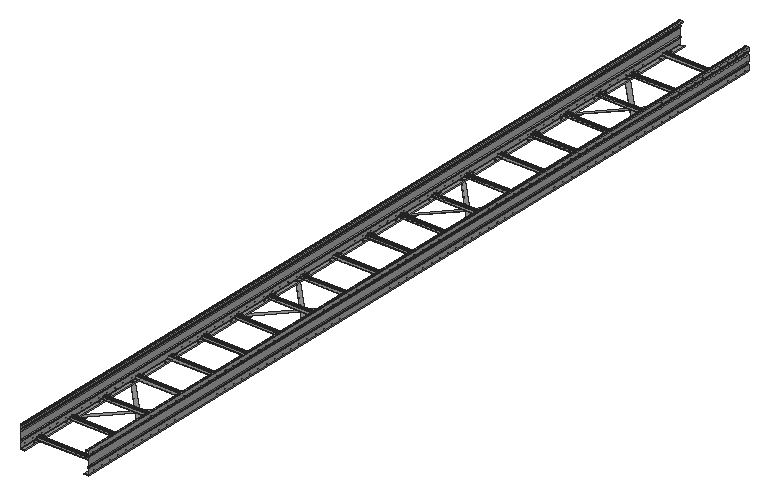
Revit family "Weitspannkabelleiter-WKLG 1650gelochter Seitenholm, FS,FT,FT SO,A4", category Generic Models, Revit 2017 (continued)
Forms (mm)
  Extrusion 71, void
    sketch origin (0, 5100, 0) x (0, 1, 0) y (0, 0, 1)
      loop
        line (49.5, 144.499) -> (25.5, 144.499)
        arc (25.5, 144.499) -> (25.146, 144.352) -> (25, 143.999) r 0.5
        line (25, 143.999) -> (25, 135.999)
        arc (25, 135.999) -> (25.146, 135.645) -> (25.5, 135.499) r 0.5
        line (25.5, 135.499) -> (49.5, 135.499)
        arc (49.5, 135.499) -> (49.854, 135.645) -> (50, 135.999) r 0.5
        line (50, 135.999) -> (50, 143.999)
        arc (50, 143.999) -> (49.854, 144.352) -> (49.5, 144.499) r 0.5
    from -250 to -248
  Extrusion 72, void
    sketch origin (0, 5175, 0) x (0, 1, 0) y (0, 0, 1)
      loop
        line (49.5, 144.499) -> (25.5, 144.499)
        arc (25.5, 144.499) -> (25.146, 144.352) -> (25, 143.999) r 0.5
        line (25, 143.999) -> (25, 135.999)
        arc (25, 135.999) -> (25.146, 135.645) -> (25.5, 135.499) r 0.5
        line (25.5, 135.499) -> (49.5, 135.499)
        arc (49.5, 135.499) -> (49.854, 135.645) -> (50, 135.999) r 0.5
        line (50, 135.999) -> (50, 143.999)
        arc (50, 143.999) -> (49.854, 144.352) -> (49.5, 144.499) r 0.5
    from -250 to -248
  Extrusion 73, void
    sketch origin (0, 5250, 0) x (0, 1, 0) y (0, 0, 1)
      loop
        line (49.5, 144.499) -> (25.5, 144.499)
        arc (25.5, 144.499) -> (25.146, 144.352) -> (25, 143.999) r 0.5
        line (25, 143.999) -> (25, 135.999)
        arc (25, 135.999) -> (25.146, 135.645) -> (25.5, 135.499) r 0.5
        line (25.5, 135.499) -> (49.5, 135.499)
        arc (49.5, 135.499) -> (49.854, 135.645) -> (50, 135.999) r 0.5
        line (50, 135.999) -> (50, 143.999)
        arc (50, 143.999) -> (49.854, 144.352) -> (49.5, 144.499) r 0.5
    from -250 to -248
  Extrusion 74, void
    sketch origin (0, 5325, 0) x (0, 1, 0) y (0, 0, 1)
      loop
        line (49.5, 144.499) -> (25.5, 144.499)
        arc (25.5, 144.499) -> (25.146, 144.352) -> (25, 143.999) r 0.5
        line (25, 143.999) -> (25, 135.999)
        arc (25, 135.999) -> (25.146, 135.645) -> (25.5, 135.499) r 0.5
        line (25.5, 135.499) -> (49.5, 135.499)
        arc (49.5, 135.499) -> (49.854, 135.645) -> (50, 135.999) r 0.5
        line (50, 135.999) -> (50, 143.999)
        arc (50, 143.999) -> (49.854, 144.352) -> (49.5, 144.499) r 0.5
    from -250 to -248
  Extrusion 75, void
    sketch origin (0, 5400, 0) x (0, 1, 0) y (0, 0, 1)
      loop
        line (49.5, 144.499) -> (25.5, 144.499)
        arc (25.5, 144.499) -> (25.146, 144.352) -> (25, 143.999) r 0.5
        line (25, 143.999) -> (25, 135.999)
        arc (25, 135.999) -> (25.146, 135.645) -> (25.5, 135.499) r 0.5
        line (25.5, 135.499) -> (49.5, 135.499)
        arc (49.5, 135.499) -> (49.854, 135.645) -> (50, 135.999) r 0.5
        line (50, 135.999) -> (50, 143.999)
        arc (50, 143.999) -> (49.854, 144.352) -> (49.5, 144.499) r 0.5
    from -250 to -248
  Extrusion 76, void
    sketch origin (0, 5475, 0) x (0, 1, 0) y (0, 0, 1)
      loop
        line (49.5, 144.499) -> (25.5, 144.499)
        arc (25.5, 144.499) -> (25.146, 144.352) -> (25, 143.999) r 0.5
        line (25, 143.999) -> (25, 135.999)
        arc (25, 135.999) -> (25.146, 135.645) -> (25.5, 135.499) r 0.5
        line (25.5, 135.499) -> (49.5, 135.499)
        arc (49.5, 135.499) -> (49.854, 135.645) -> (50, 135.999) r 0.5
        line (50, 135.999) -> (50, 143.999)
        arc (50, 143.999) -> (49.854, 144.352) -> (49.5, 144.499) r 0.5
    from -250 to -248
  Extrusion 77, void
    sketch origin (0, 5550, 0) x (0, 1, 0) y (0, 0, 1)
      loop
        line (49.5, 144.499) -> (25.5, 144.499)
        arc (25.5, 144.499) -> (25.146, 144.352) -> (25, 143.999) r 0.5
        line (25, 143.999) -> (25, 135.999)
        arc (25, 135.999) -> (25.146, 135.645) -> (25.5, 135.499) r 0.5
        line (25.5, 135.499) -> (49.5, 135.499)
        arc (49.5, 135.499) -> (49.854, 135.645) -> (50, 135.999) r 0.5
        line (50, 135.999) -> (50, 143.999)
        arc (50, 143.999) -> (49.854, 144.352) -> (49.5, 144.499) r 0.5
    from -250 to -248
  Extrusion 78, void
    sketch origin (0, 5625, 0) x (0, 1, 0) y (0, 0, 1)
      loop
        line (49.5, 144.499) -> (25.5, 144.499)
        arc (25.5, 144.499) -> (25.146, 144.352) -> (25, 143.999) r 0.5
        line (25, 143.999) -> (25, 135.999)
        arc (25, 135.999) -> (25.146, 135.645) -> (25.5, 135.499) r 0.5
        line (25.5, 135.499) -> (49.5, 135.499)
        arc (49.5, 135.499) -> (49.854, 135.645) -> (50, 135.999) r 0.5
        line (50, 135.999) -> (50, 143.999)
        arc (50, 143.999) -> (49.854, 144.352) -> (49.5, 144.499) r 0.5
    from -250 to -248
  Extrusion 79, void
    sketch origin (0, 5700, 0) x (0, 1, 0) y (0, 0, 1)
      loop
        line (49.5, 144.499) -> (25.5, 144.499)
        arc (25.5, 144.499) -> (25.146, 144.352) -> (25, 143.999) r 0.5
        line (25, 143.999) -> (25, 135.999)
        arc (25, 135.999) -> (25.146, 135.645) -> (25.5, 135.499) r 0.5
        line (25.5, 135.499) -> (49.5, 135.499)
        arc (49.5, 135.499) -> (49.854, 135.645) -> (50, 135.999) r 0.5
        line (50, 135.999) -> (50, 143.999)
        arc (50, 143.999) -> (49.854, 144.352) -> (49.5, 144.499) r 0.5
    from -250 to -248
  Extrusion 80, void
    sketch origin (0, 5775, 0) x (0, 1, 0) y (0, 0, 1)
      loop
        line (49.5, 144.499) -> (25.5, 144.499)
        arc (25.5, 144.499) -> (25.146, 144.352) -> (25, 143.999) r 0.5
        line (25, 143.999) -> (25, 135.999)
        arc (25, 135.999) -> (25.146, 135.645) -> (25.5, 135.499) r 0.5
        line (25.5, 135.499) -> (49.5, 135.499)
        arc (49.5, 135.499) -> (49.854, 135.645) -> (50, 135.999) r 0.5
        line (50, 135.999) -> (50, 143.999)
        arc (50, 143.999) -> (49.854, 144.352) -> (49.5, 144.499) r 0.5
    from -250 to -248
  Extrusion 81, void
    sketch origin (0, 5850, 0) x (0, 1, 0) y (0, 0, 1)
      loop
        line (49.5, 144.499) -> (25.5, 144.499)
        arc (25.5, 144.499) -> (25.146, 144.352) -> (25, 143.999) r 0.5
        line (25, 143.999) -> (25, 135.999)
        arc (25, 135.999) -> (25.146, 135.645) -> (25.5, 135.499) r 0.5
        line (25.5, 135.499) -> (49.5, 135.499)
        arc (49.5, 135.499) -> (49.854, 135.645) -> (50, 135.999) r 0.5
        line (50, 135.999) -> (50, 143.999)
        arc (50, 143.999) -> (49.854, 144.352) -> (49.5, 144.499) r 0.5
    from -250 to -248
  Extrusion 82, void
    sketch origin (0, 5925, 0) x (0, 1, 0) y (0, 0, 1)
      loop
        line (49.5, 144.499) -> (25.5, 144.499)
        arc (25.5, 144.499) -> (25.146, 144.352) -> (25, 143.999) r 0.5
        line (25, 143.999) -> (25, 135.999)
        arc (25, 135.999) -> (25.146, 135.645) -> (25.5, 135.499) r 0.5
        line (25.5, 135.499) -> (49.5, 135.499)
        arc (49.5, 135.499) -> (49.854, 135.645) -> (50, 135.999) r 0.5
        line (50, 135.999) -> (50, 143.999)
        arc (50, 143.999) -> (49.854, 144.352) -> (49.5, 144.499) r 0.5
    from -250 to -248
  Extrusion 83, void
    sketch origin (0, 0, -120) x (0, 1, 0) y (0, 0, 1)
      loop
        line (49.5, 144.499) -> (25.5, 144.499)
        arc (25.5, 144.499) -> (25.146, 144.352) -> (25, 143.999) r 0.5
        line (25, 143.999) -> (25, 135.999)
        arc (25, 135.999) -> (25.146, 135.645) -> (25.5, 135.499) r 0.5
        line (25.5, 135.499) -> (49.5, 135.499)
        arc (49.5, 135.499) -> (49.854, 135.645) -> (50, 135.999) r 0.5
        line (50, 135.999) -> (50, 143.999)
        arc (50, 143.999) -> (49.854, 144.352) -> (49.5, 144.499) r 0.5
    from -250 to -248
  Extrusion 84, void
    sketch origin (0, 75, -120) x (0, 1, 0) y (0, 0, 1)
      loop
        line (49.5, 144.499) -> (25.5, 144.499)
        arc (25.5, 144.499) -> (25.146, 144.352) -> (25, 143.999) r 0.5
        line (25, 143.999) -> (25, 135.999)
        arc (25, 135.999) -> (25.146, 135.645) -> (25.5, 135.499) r 0.5
        line (25.5, 135.499) -> (49.5, 135.499)
        arc (49.5, 135.499) -> (49.854, 135.645) -> (50, 135.999) r 0.5
        line (50, 135.999) -> (50, 143.999)
        arc (50, 143.999) -> (49.854, 144.352) -> (49.5, 144.499) r 0.5
    from -250 to -248
  Extrusion 85, void
    sketch origin (0, 150, -120) x (0, 1, 0) y (0, 0, 1)
      loop
        line (49.5, 144.499) -> (25.5, 144.499)
        arc (25.5, 144.499) -> (25.146, 144.352) -> (25, 143.999) r 0.5
        line (25, 143.999) -> (25, 135.999)
        arc (25, 135.999) -> (25.146, 135.645) -> (25.5, 135.499) r 0.5
        line (25.5, 135.499) -> (49.5, 135.499)
        arc (49.5, 135.499) -> (49.854, 135.645) -> (50, 135.999) r 0.5
        line (50, 135.999) -> (50, 143.999)
        arc (50, 143.999) -> (49.854, 144.352) -> (49.5, 144.499) r 0.5
    from -250 to -248
  Extrusion 86, void
    sketch origin (0, 225, -120) x (0, 1, 0) y (0, 0, 1)
      loop
        line (49.5, 144.499) -> (25.5, 144.499)
        arc (25.5, 144.499) -> (25.146, 144.352) -> (25, 143.999) r 0.5
        line (25, 143.999) -> (25, 135.999)
        arc (25, 135.999) -> (25.146, 135.645) -> (25.5, 135.499) r 0.5
        line (25.5, 135.499) -> (49.5, 135.499)
        arc (49.5, 135.499) -> (49.854, 135.645) -> (50, 135.999) r 0.5
        line (50, 135.999) -> (50, 143.999)
        arc (50, 143.999) -> (49.854, 144.352) -> (49.5, 144.499) r 0.5
    from -250 to -248
  Extrusion 87, void
    sketch origin (0, 300, -120) x (0, 1, 0) y (0, 0, 1)
      loop
        line (49.5, 144.499) -> (25.5, 144.499)
        arc (25.5, 144.499) -> (25.146, 144.352) -> (25, 143.999) r 0.5
        line (25, 143.999) -> (25, 135.999)
        arc (25, 135.999) -> (25.146, 135.645) -> (25.5, 135.499) r 0.5
        line (25.5, 135.499) -> (49.5, 135.499)
        arc (49.5, 135.499) -> (49.854, 135.645) -> (50, 135.999) r 0.5
        line (50, 135.999) -> (50, 143.999)
        arc (50, 143.999) -> (49.854, 144.352) -> (49.5, 144.499) r 0.5
    from -250 to -248
  Extrusion 88, void
    sketch origin (0, 375, -120) x (0, 1, 0) y (0, 0, 1)
      loop
        line (49.5, 144.499) -> (25.5, 144.499)
        arc (25.5, 144.499) -> (25.146, 144.352) -> (25, 143.999) r 0.5
        line (25, 143.999) -> (25, 135.999)
        arc (25, 135.999) -> (25.146, 135.645) -> (25.5, 135.499) r 0.5
        line (25.5, 135.499) -> (49.5, 135.499)
        arc (49.5, 135.499) -> (49.854, 135.645) -> (50, 135.999) r 0.5
        line (50, 135.999) -> (50, 143.999)
        arc (50, 143.999) -> (49.854, 144.352) -> (49.5, 144.499) r 0.5
    from -250 to -248
  Extrusion 89, void
    sketch origin (0, 450, -120) x (0, 1, 0) y (0, 0, 1)
      loop
        line (49.5, 144.499) -> (25.5, 144.499)
        arc (25.5, 144.499) -> (25.146, 144.352) -> (25, 143.999) r 0.5
        line (25, 143.999) -> (25, 135.999)
        arc (25, 135.999) -> (25.146, 135.645) -> (25.5, 135.499) r 0.5
        line (25.5, 135.499) -> (49.5, 135.499)
        arc (49.5, 135.499) -> (49.854, 135.645) -> (50, 135.999) r 0.5
        line (50, 135.999) -> (50, 143.999)
        arc (50, 143.999) -> (49.854, 144.352) -> (49.5, 144.499) r 0.5
    from -250 to -248
  Extrusion 90, void
    sketch origin (0, 525, -120) x (0, 1, 0) y (0, 0, 1)
      loop
        line (49.5, 144.499) -> (25.5, 144.499)
        arc (25.5, 144.499) -> (25.146, 144.352) -> (25, 143.999) r 0.5
        line (25, 143.999) -> (25, 135.999)
        arc (25, 135.999) -> (25.146, 135.645) -> (25.5, 135.499) r 0.5
        line (25.5, 135.499) -> (49.5, 135.499)
        arc (49.5, 135.499) -> (49.854, 135.645) -> (50, 135.999) r 0.5
        line (50, 135.999) -> (50, 143.999)
        arc (50, 143.999) -> (49.854, 144.352) -> (49.5, 144.499) r 0.5
    from -250 to -248
  Extrusion 91, void
    sketch origin (0, 600, -120) x (0, 1, 0) y (0, 0, 1)
      loop
        line (49.5, 144.499) -> (25.5, 144.499)
        arc (25.5, 144.499) -> (25.146, 144.352) -> (25, 143.999) r 0.5
        line (25, 143.999) -> (25, 135.999)
        arc (25, 135.999) -> (25.146, 135.645) -> (25.5, 135.499) r 0.5
        line (25.5, 135.499) -> (49.5, 135.499)
        arc (49.5, 135.499) -> (49.854, 135.645) -> (50, 135.999) r 0.5
        line (50, 135.999) -> (50, 143.999)
        arc (50, 143.999) -> (49.854, 144.352) -> (49.5, 144.499) r 0.5
    from -250 to -248
  Extrusion 92, void
    sketch origin (0, 675, -120) x (0, 1, 0) y (0, 0, 1)
      loop
        line (49.5, 144.499) -> (25.5, 144.499)
        arc (25.5, 144.499) -> (25.146, 144.352) -> (25, 143.999) r 0.5
        line (25, 143.999) -> (25, 135.999)
        arc (25, 135.999) -> (25.146, 135.645) -> (25.5, 135.499) r 0.5
        line (25.5, 135.499) -> (49.5, 135.499)
        arc (49.5, 135.499) -> (49.854, 135.645) -> (50, 135.999) r 0.5
        line (50, 135.999) -> (50, 143.999)
        arc (50, 143.999) -> (49.854, 144.352) -> (49.5, 144.499) r 0.5
    from -250 to -248
  Extrusion 93, void
    sketch origin (0, 750, -120) x (0, 1, 0) y (0, 0, 1)
      loop
        line (49.5, 144.499) -> (25.5, 144.499)
        arc (25.5, 144.499) -> (25.146, 144.352) -> (25, 143.999) r 0.5
        line (25, 143.999) -> (25, 135.999)
        arc (25, 135.999) -> (25.146, 135.645) -> (25.5, 135.499) r 0.5
        line (25.5, 135.499) -> (49.5, 135.499)
        arc (49.5, 135.499) -> (49.854, 135.645) -> (50, 135.999) r 0.5
        line (50, 135.999) -> (50, 143.999)
        arc (50, 143.999) -> (49.854, 144.352) -> (49.5, 144.499) r 0.5
    from -250 to -248
  Extrusion 94, void
    sketch origin (0, 825, -120) x (0, 1, 0) y (0, 0, 1)
      loop
        line (49.5, 144.499) -> (25.5, 144.499)
        arc (25.5, 144.499) -> (25.146, 144.352) -> (25, 143.999) r 0.5
        line (25, 143.999) -> (25, 135.999)
        arc (25, 135.999) -> (25.146, 135.645) -> (25.5, 135.499) r 0.5
        line (25.5, 135.499) -> (49.5, 135.499)
        arc (49.5, 135.499) -> (49.854, 135.645) -> (50, 135.999) r 0.5
        line (50, 135.999) -> (50, 143.999)
        arc (50, 143.999) -> (49.854, 144.352) -> (49.5, 144.499) r 0.5
    from -250 to -248
  Extrusion 95, void
    sketch origin (0, 900, -120) x (0, 1, 0) y (0, 0, 1)
      loop
        line (49.5, 144.499) -> (25.5, 144.499)
        arc (25.5, 144.499) -> (25.146, 144.352) -> (25, 143.999) r 0.5
        line (25, 143.999) -> (25, 135.999)
        arc (25, 135.999) -> (25.146, 135.645) -> (25.5, 135.499) r 0.5
        line (25.5, 135.499) -> (49.5, 135.499)
        arc (49.5, 135.499) -> (49.854, 135.645) -> (50, 135.999) r 0.5
        line (50, 135.999) -> (50, 143.999)
        arc (50, 143.999) -> (49.854, 144.352) -> (49.5, 144.499) r 0.5
    from -250 to -248
  Extrusion 96, void
    sketch origin (0, 975, -120) x (0, 1, 0) y (0, 0, 1)
      loop
        line (49.5, 144.499) -> (25.5, 144.499)
        arc (25.5, 144.499) -> (25.146, 144.352) -> (25, 143.999) r 0.5
        line (25, 143.999) -> (25, 135.999)
        arc (25, 135.999) -> (25.146, 135.645) -> (25.5, 135.499) r 0.5
        line (25.5, 135.499) -> (49.5, 135.499)
        arc (49.5, 135.499) -> (49.854, 135.645) -> (50, 135.999) r 0.5
        line (50, 135.999) -> (50, 143.999)
        arc (50, 143.999) -> (49.854, 144.352) -> (49.5, 144.499) r 0.5
    from -250 to -248
  Extrusion 97, void
    sketch origin (0, 1050, -120) x (0, 1, 0) y (0, 0, 1)
      loop
        line (49.5, 144.499) -> (25.5, 144.499)
        arc (25.5, 144.499) -> (25.146, 144.352) -> (25, 143.999) r 0.5
        line (25, 143.999) -> (25, 135.999)
        arc (25, 135.999) -> (25.146, 135.645) -> (25.5, 135.499) r 0.5
        line (25.5, 135.499) -> (49.5, 135.499)
        arc (49.5, 135.499) -> (49.854, 135.645) -> (50, 135.999) r 0.5
        line (50, 135.999) -> (50, 143.999)
        arc (50, 143.999) -> (49.854, 144.352) -> (49.5, 144.499) r 0.5
    from -250 to -248
  Extrusion 98, void
    sketch origin (0, 1125, -120) x (0, 1, 0) y (0, 0, 1)
      loop
        line (49.5, 144.499) -> (25.5, 144.499)
        arc (25.5, 144.499) -> (25.146, 144.352) -> (25, 143.999) r 0.5
        line (25, 143.999) -> (25, 135.999)
        arc (25, 135.999) -> (25.146, 135.645) -> (25.5, 135.499) r 0.5
        line (25.5, 135.499) -> (49.5, 135.499)
        arc (49.5, 135.499) -> (49.854, 135.645) -> (50, 135.999) r 0.5
        line (50, 135.999) -> (50, 143.999)
        arc (50, 143.999) -> (49.854, 144.352) -> (49.5, 144.499) r 0.5
    from -250 to -248
  Extrusion 99, void
    sketch origin (0, 1200, -120) x (0, 1, 0) y (0, 0, 1)
      loop
        line (49.5, 144.499) -> (25.5, 144.499)
        arc (25.5, 144.499) -> (25.146, 144.352) -> (25, 143.999) r 0.5
        line (25, 143.999) -> (25, 135.999)
        arc (25, 135.999) -> (25.146, 135.645) -> (25.5, 135.499) r 0.5
        line (25.5, 135.499) -> (49.5, 135.499)
        arc (49.5, 135.499) -> (49.854, 135.645) -> (50, 135.999) r 0.5
        line (50, 135.999) -> (50, 143.999)
        arc (50, 143.999) -> (49.854, 144.352) -> (49.5, 144.499) r 0.5
    from -250 to -248
  Extrusion 100, void
    sketch origin (0, 1275, -120) x (0, 1, 0) y (0, 0, 1)
      loop
        line (49.5, 144.499) -> (25.5, 144.499)
        arc (25.5, 144.499) -> (25.146, 144.352) -> (25, 143.999) r 0.5
        line (25, 143.999) -> (25, 135.999)
        arc (25, 135.999) -> (25.146, 135.645) -> (25.5, 135.499) r 0.5
        line (25.5, 135.499) -> (49.5, 135.499)
        arc (49.5, 135.499) -> (49.854, 135.645) -> (50, 135.999) r 0.5
        line (50, 135.999) -> (50, 143.999)
        arc (50, 143.999) -> (49.854, 144.352) -> (49.5, 144.499) r 0.5
    from -250 to -248
  Extrusion 101, void
    sketch origin (0, 1350, -120) x (0, 1, 0) y (0, 0, 1)
      loop
        line (49.5, 144.499) -> (25.5, 144.499)
        arc (25.5, 144.499) -> (25.146, 144.352) -> (25, 143.999) r 0.5
        line (25, 143.999) -> (25, 135.999)
        arc (25, 135.999) -> (25.146, 135.645) -> (25.5, 135.499) r 0.5
        line (25.5, 135.499) -> (49.5, 135.499)
        arc (49.5, 135.499) -> (49.854, 135.645) -> (50, 135.999) r 0.5
        line (50, 135.999) -> (50, 143.999)
        arc (50, 143.999) -> (49.854, 144.352) -> (49.5, 144.499) r 0.5
    from -250 to -248
  Extrusion 102, void
    sketch origin (0, 1425, -120) x (0, 1, 0) y (0, 0, 1)
      loop
        line (49.5, 144.499) -> (25.5, 144.499)
        arc (25.5, 144.499) -> (25.146, 144.352) -> (25, 143.999) r 0.5
        line (25, 143.999) -> (25, 135.999)
        arc (25, 135.999) -> (25.146, 135.645) -> (25.5, 135.499) r 0.5
        line (25.5, 135.499) -> (49.5, 135.499)
        arc (49.5, 135.499) -> (49.854, 135.645) -> (50, 135.999) r 0.5
        line (50, 135.999) -> (50, 143.999)
        arc (50, 143.999) -> (49.854, 144.352) -> (49.5, 144.499) r 0.5
    from -250 to -248
  Extrusion 103, void
    sketch origin (0, 1500, -120) x (0, 1, 0) y (0, 0, 1)
      loop
        line (49.5, 144.499) -> (25.5, 144.499)
        arc (25.5, 144.499) -> (25.146, 144.352) -> (25, 143.999) r 0.5
        line (25, 143.999) -> (25, 135.999)
        arc (25, 135.999) -> (25.146, 135.645) -> (25.5, 135.499) r 0.5
        line (25.5, 135.499) -> (49.5, 135.499)
        arc (49.5, 135.499) -> (49.854, 135.645) -> (50, 135.999) r 0.5
        line (50, 135.999) -> (50, 143.999)
        arc (50, 143.999) -> (49.854, 144.352) -> (49.5, 144.499) r 0.5
    from -250 to -248
  Extrusion 104, void
    sketch origin (0, 1575, -120) x (0, 1, 0) y (0, 0, 1)
      loop
        line (49.5, 144.499) -> (25.5, 144.499)
        arc (25.5, 144.499) -> (25.146, 144.352) -> (25, 143.999) r 0.5
        line (25, 143.999) -> (25, 135.999)
        arc (25, 135.999) -> (25.146, 135.645) -> (25.5, 135.499) r 0.5
        line (25.5, 135.499) -> (49.5, 135.499)
        arc (49.5, 135.499) -> (49.854, 135.645) -> (50, 135.999) r 0.5
        line (50, 135.999) -> (50, 143.999)
        arc (50, 143.999) -> (49.854, 144.352) -> (49.5, 144.499) r 0.5
    from -250 to -248
  Extrusion 105, void
    sketch origin (0, 1650, -120) x (0, 1, 0) y (0, 0, 1)
      loop
        line (49.5, 144.499) -> (25.5, 144.499)
        arc (25.5, 144.499) -> (25.146, 144.352) -> (25, 143.999) r 0.5
        line (25, 143.999) -> (25, 135.999)
        arc (25, 135.999) -> (25.146, 135.645) -> (25.5, 135.499) r 0.5
        line (25.5, 135.499) -> (49.5, 135.499)
        arc (49.5, 135.499) -> (49.854, 135.645) -> (50, 135.999) r 0.5
        line (50, 135.999) -> (50, 143.999)
        arc (50, 143.999) -> (49.854, 144.352) -> (49.5, 144.499) r 0.5
    from -250 to -248
  Extrusion 106, void
    sketch origin (0, 1725, -120) x (0, 1, 0) y (0, 0, 1)
      loop
        line (49.5, 144.499) -> (25.5, 144.499)
        arc (25.5, 144.499) -> (25.146, 144.352) -> (25, 143.999) r 0.5
        line (25, 143.999) -> (25, 135.999)
        arc (25, 135.999) -> (25.146, 135.645) -> (25.5, 135.499) r 0.5
        line (25.5, 135.499) -> (49.5, 135.499)
        arc (49.5, 135.499) -> (49.854, 135.645) -> (50, 135.999) r 0.5
        line (50, 135.999) -> (50, 143.999)
        arc (50, 143.999) -> (49.854, 144.352) -> (49.5, 144.499) r 0.5
    from -250 to -248
  Extrusion 107, void
    sketch origin (0, 1800, -120) x (0, 1, 0) y (0, 0, 1)
      loop
        line (49.5, 144.499) -> (25.5, 144.499)
        arc (25.5, 144.499) -> (25.146, 144.352) -> (25, 143.999) r 0.5
        line (25, 143.999) -> (25, 135.999)
        arc (25, 135.999) -> (25.146, 135.645) -> (25.5, 135.499) r 0.5
        line (25.5, 135.499) -> (49.5, 135.499)
        arc (49.5, 135.499) -> (49.854, 135.645) -> (50, 135.999) r 0.5
        line (50, 135.999) -> (50, 143.999)
        arc (50, 143.999) -> (49.854, 144.352) -> (49.5, 144.499) r 0.5
    from -250 to -248
  Extrusion 108, void
    sketch origin (0, 1875, -120) x (0, 1, 0) y (0, 0, 1)
      loop
        line (49.5, 144.499) -> (25.5, 144.499)
        arc (25.5, 144.499) -> (25.146, 144.352) -> (25, 143.999) r 0.5
        line (25, 143.999) -> (25, 135.999)
        arc (25, 135.999) -> (25.146, 135.645) -> (25.5, 135.499) r 0.5
        line (25.5, 135.499) -> (49.5, 135.499)
        arc (49.5, 135.499) -> (49.854, 135.645) -> (50, 135.999) r 0.5
        line (50, 135.999) -> (50, 143.999)
        arc (50, 143.999) -> (49.854, 144.352) -> (49.5, 144.499) r 0.5
    from -250 to -248
  Extrusion 109, void
    sketch origin (0, 1950, -120) x (0, 1, 0) y (0, 0, 1)
      loop
        line (49.5, 144.499) -> (25.5, 144.499)
        arc (25.5, 144.499) -> (25.146, 144.352) -> (25, 143.999) r 0.5
        line (25, 143.999) -> (25, 135.999)
        arc (25, 135.999) -> (25.146, 135.645) -> (25.5, 135.499) r 0.5
        line (25.5, 135.499) -> (49.5, 135.499)
        arc (49.5, 135.499) -> (49.854, 135.645) -> (50, 135.999) r 0.5
        line (50, 135.999) -> (50, 143.999)
        arc (50, 143.999) -> (49.854, 144.352) -> (49.5, 144.499) r 0.5
    from -250 to -248
  Extrusion 110, void
    sketch origin (0, 2025, -120) x (0, 1, 0) y (0, 0, 1)
      loop
        line (49.5, 144.499) -> (25.5, 144.499)
        arc (25.5, 144.499) -> (25.146, 144.352) -> (25, 143.999) r 0.5
        line (25, 143.999) -> (25, 135.999)
        arc (25, 135.999) -> (25.146, 135.645) -> (25.5, 135.499) r 0.5
        line (25.5, 135.499) -> (49.5, 135.499)
        arc (49.5, 135.499) -> (49.854, 135.645) -> (50, 135.999) r 0.5
        line (50, 135.999) -> (50, 143.999)
        arc (50, 143.999) -> (49.854, 144.352) -> (49.5, 144.499) r 0.5
    from -250 to -248
  Extrusion 111, void
    sketch origin (0, 2100, -120) x (0, 1, 0) y (0, 0, 1)
      loop
        line (49.5, 144.499) -> (25.5, 144.499)
        arc (25.5, 144.499) -> (25.146, 144.352) -> (25, 143.999) r 0.5
        line (25, 143.999) -> (25, 135.999)
        arc (25, 135.999) -> (25.146, 135.645) -> (25.5, 135.499) r 0.5
        line (25.5, 135.499) -> (49.5, 135.499)
        arc (49.5, 135.499) -> (49.854, 135.645) -> (50, 135.999) r 0.5
        line (50, 135.999) -> (50, 143.999)
        arc (50, 143.999) -> (49.854, 144.352) -> (49.5, 144.499) r 0.5
    from -250 to -248
  Extrusion 112, void
    sketch origin (0, 2175, -120) x (0, 1, 0) y (0, 0, 1)
      loop
        line (49.5, 144.499) -> (25.5, 144.499)
        arc (25.5, 144.499) -> (25.146, 144.352) -> (25, 143.999) r 0.5
        line (25, 143.999) -> (25, 135.999)
        arc (25, 135.999) -> (25.146, 135.645) -> (25.5, 135.499) r 0.5
        line (25.5, 135.499) -> (49.5, 135.499)
        arc (49.5, 135.499) -> (49.854, 135.645) -> (50, 135.999) r 0.5
        line (50, 135.999) -> (50, 143.999)
        arc (50, 143.999) -> (49.854, 144.352) -> (49.5, 144.499) r 0.5
    from -250 to -248
  Extrusion 113, void
    sketch origin (0, 2250, -120) x (0, 1, 0) y (0, 0, 1)
      loop
        line (49.5, 144.499) -> (25.5, 144.499)
        arc (25.5, 144.499) -> (25.146, 144.352) -> (25, 143.999) r 0.5
        line (25, 143.999) -> (25, 135.999)
        arc (25, 135.999) -> (25.146, 135.645) -> (25.5, 135.499) r 0.5
        line (25.5, 135.499) -> (49.5, 135.499)
        arc (49.5, 135.499) -> (49.854, 135.645) -> (50, 135.999) r 0.5
        line (50, 135.999) -> (50, 143.999)
        arc (50, 143.999) -> (49.854, 144.352) -> (49.5, 144.499) r 0.5
    from -250 to -248
  Extrusion 114, void
    sketch origin (0, 2325, -120) x (0, 1, 0) y (0, 0, 1)
      loop
        line (49.5, 144.499) -> (25.5, 144.499)
        arc (25.5, 144.499) -> (25.146, 144.352) -> (25, 143.999) r 0.5
        line (25, 143.999) -> (25, 135.999)
        arc (25, 135.999) -> (25.146, 135.645) -> (25.5, 135.499) r 0.5
        line (25.5, 135.499) -> (49.5, 135.499)
        arc (49.5, 135.499) -> (49.854, 135.645) -> (50, 135.999) r 0.5
        line (50, 135.999) -> (50, 143.999)
        arc (50, 143.999) -> (49.854, 144.352) -> (49.5, 144.499) r 0.5
    from -250 to -248
  Extrusion 115, void
    sketch origin (0, 2400, -120) x (0, 1, 0) y (0, 0, 1)
      loop
        line (49.5, 144.499) -> (25.5, 144.499)
        arc (25.5, 144.499) -> (25.146, 144.352) -> (25, 143.999) r 0.5
        line (25, 143.999) -> (25, 135.999)
        arc (25, 135.999) -> (25.146, 135.645) -> (25.5, 135.499) r 0.5
        line (25.5, 135.499) -> (49.5, 135.499)
        arc (49.5, 135.499) -> (49.854, 135.645) -> (50, 135.999) r 0.5
        line (50, 135.999) -> (50, 143.999)
        arc (50, 143.999) -> (49.854, 144.352) -> (49.5, 144.499) r 0.5
    from -250 to -248
  Extrusion 116, void
    sketch origin (0, 2475, -120) x (0, 1, 0) y (0, 0, 1)
      loop
        line (49.5, 144.499) -> (25.5, 144.499)
        arc (25.5, 144.499) -> (25.146, 144.352) -> (25, 143.999) r 0.5
        line (25, 143.999) -> (25, 135.999)
        arc (25, 135.999) -> (25.146, 135.645) -> (25.5, 135.499) r 0.5
        line (25.5, 135.499) -> (49.5, 135.499)
        arc (49.5, 135.499) -> (49.854, 135.645) -> (50, 135.999) r 0.5
        line (50, 135.999) -> (50, 143.999)
        arc (50, 143.999) -> (49.854, 144.352) -> (49.5, 144.499) r 0.5
    from -250 to -248
  Extrusion 117, void
    sketch origin (0, 2550, -120) x (0, 1, 0) y (0, 0, 1)
      loop
        line (49.5, 144.499) -> (25.5, 144.499)
        arc (25.5, 144.499) -> (25.146, 144.352) -> (25, 143.999) r 0.5
        line (25, 143.999) -> (25, 135.999)
        arc (25, 135.999) -> (25.146, 135.645) -> (25.5, 135.499) r 0.5
        line (25.5, 135.499) -> (49.5, 135.499)
        arc (49.5, 135.499) -> (49.854, 135.645) -> (50, 135.999) r 0.5
        line (50, 135.999) -> (50, 143.999)
        arc (50, 143.999) -> (49.854, 144.352) -> (49.5, 144.499) r 0.5
    from -250 to -248
  Extrusion 118, void
    sketch origin (0, 2625, -120) x (0, 1, 0) y (0, 0, 1)
      loop
        line (49.5, 144.499) -> (25.5, 144.499)
        arc (25.5, 144.499) -> (25.146, 144.352) -> (25, 143.999) r 0.5
        line (25, 143.999) -> (25, 135.999)
        arc (25, 135.999) -> (25.146, 135.645) -> (25.5, 135.499) r 0.5
        line (25.5, 135.499) -> (49.5, 135.499)
        arc (49.5, 135.499) -> (49.854, 135.645) -> (50, 135.999) r 0.5
        line (50, 135.999) -> (50, 143.999)
        arc (50, 143.999) -> (49.854, 144.352) -> (49.5, 144.499) r 0.5
    from -250 to -248
  Extrusion 119, void
    sketch origin (0, 2700, -120) x (0, 1, 0) y (0, 0, 1)
      loop
        line (49.5, 144.499) -> (25.5, 144.499)
        arc (25.5, 144.499) -> (25.146, 144.352) -> (25, 143.999) r 0.5
        line (25, 143.999) -> (25, 135.999)
        arc (25, 135.999) -> (25.146, 135.645) -> (25.5, 135.499) r 0.5
        line (25.5, 135.499) -> (49.5, 135.499)
        arc (49.5, 135.499) -> (49.854, 135.645) -> (50, 135.999) r 0.5
        line (50, 135.999) -> (50, 143.999)
        arc (50, 143.999) -> (49.854, 144.352) -> (49.5, 144.499) r 0.5
    from -250 to -248
  Extrusion 120, void
    sketch origin (0, 2775, -120) x (0, 1, 0) y (0, 0, 1)
      loop
        line (49.5, 144.499) -> (25.5, 144.499)
        arc (25.5, 144.499) -> (25.146, 144.352) -> (25, 143.999) r 0.5
        line (25, 143.999) -> (25, 135.999)
        arc (25, 135.999) -> (25.146, 135.645) -> (25.5, 135.499) r 0.5
        line (25.5, 135.499) -> (49.5, 135.499)
        arc (49.5, 135.499) -> (49.854, 135.645) -> (50, 135.999) r 0.5
        line (50, 135.999) -> (50, 143.999)
        arc (50, 143.999) -> (49.854, 144.352) -> (49.5, 144.499) r 0.5
    from -250 to -248
  Extrusion 121, void
    sketch origin (0, 2850, -120) x (0, 1, 0) y (0, 0, 1)
      loop
        line (49.5, 144.499) -> (25.5, 144.499)
        arc (25.5, 144.499) -> (25.146, 144.352) -> (25, 143.999) r 0.5
        line (25, 143.999) -> (25, 135.999)
        arc (25, 135.999) -> (25.146, 135.645) -> (25.5, 135.499) r 0.5
        line (25.5, 135.499) -> (49.5, 135.499)
        arc (49.5, 135.499) -> (49.854, 135.645) -> (50, 135.999) r 0.5
        line (50, 135.999) -> (50, 143.999)
        arc (50, 143.999) -> (49.854, 144.352) -> (49.5, 144.499) r 0.5
    from -250 to -248
  Extrusion 122, void
    sketch origin (0, 2925, -120) x (0, 1, 0) y (0, 0, 1)
      loop
        line (49.5, 144.499) -> (25.5, 144.499)
        arc (25.5, 144.499) -> (25.146, 144.352) -> (25, 143.999) r 0.5
        line (25, 143.999) -> (25, 135.999)
        arc (25, 135.999) -> (25.146, 135.645) -> (25.5, 135.499) r 0.5
        line (25.5, 135.499) -> (49.5, 135.499)
        arc (49.5, 135.499) -> (49.854, 135.645) -> (50, 135.999) r 0.5
        line (50, 135.999) -> (50, 143.999)
        arc (50, 143.999) -> (49.854, 144.352) -> (49.5, 144.499) r 0.5
    from -250 to -248
  Extrusion 123, void
    sketch origin (0, 3000, -120) x (0, 1, 0) y (0, 0, 1)
      loop
        line (49.5, 144.499) -> (25.5, 144.499)
        arc (25.5, 144.499) -> (25.146, 144.352) -> (25, 143.999) r 0.5
        line (25, 143.999) -> (25, 135.999)
        arc (25, 135.999) -> (25.146, 135.645) -> (25.5, 135.499) r 0.5
        line (25.5, 135.499) -> (49.5, 135.499)
        arc (49.5, 135.499) -> (49.854, 135.645) -> (50, 135.999) r 0.5
        line (50, 135.999) -> (50, 143.999)
        arc (50, 143.999) -> (49.854, 144.352) -> (49.5, 144.499) r 0.5
    from -250 to -248
  Extrusion 124, void
    sketch origin (0, 3075, -120) x (0, 1, 0) y (0, 0, 1)
      loop
        line (49.5, 144.499) -> (25.5, 144.499)
        arc (25.5, 144.499) -> (25.146, 144.352) -> (25, 143.999) r 0.5
        line (25, 143.999) -> (25, 135.999)
        arc (25, 135.999) -> (25.146, 135.645) -> (25.5, 135.499) r 0.5
        line (25.5, 135.499) -> (49.5, 135.499)
        arc (49.5, 135.499) -> (49.854, 135.645) -> (50, 135.999) r 0.5
        line (50, 135.999) -> (50, 143.999)
        arc (50, 143.999) -> (49.854, 144.352) -> (49.5, 144.499) r 0.5
    from -250 to -248
  Extrusion 125, void
    sketch origin (0, 3150, -120) x (0, 1, 0) y (0, 0, 1)
      loop
        line (49.5, 144.499) -> (25.5, 144.499)
        arc (25.5, 144.499) -> (25.146, 144.352) -> (25, 143.999) r 0.5
        line (25, 143.999) -> (25, 135.999)
        arc (25, 135.999) -> (25.146, 135.645) -> (25.5, 135.499) r 0.5
        line (25.5, 135.499) -> (49.5, 135.499)
        arc (49.5, 135.499) -> (49.854, 135.645) -> (50, 135.999) r 0.5
        line (50, 135.999) -> (50, 143.999)
        arc (50, 143.999) -> (49.854, 144.352) -> (49.5, 144.499) r 0.5
    from -250 to -248
  Extrusion 126, void
    sketch origin (0, 3225, -120) x (0, 1, 0) y (0, 0, 1)
      loop
        line (49.5, 144.499) -> (25.5, 144.499)
        arc (25.5, 144.499) -> (25.146, 144.352) -> (25, 143.999) r 0.5
        line (25, 143.999) -> (25, 135.999)
        arc (25, 135.999) -> (25.146, 135.645) -> (25.5, 135.499) r 0.5
        line (25.5, 135.499) -> (49.5, 135.499)
        arc (49.5, 135.499) -> (49.854, 135.645) -> (50, 135.999) r 0.5
        line (50, 135.999) -> (50, 143.999)
        arc (50, 143.999) -> (49.854, 144.352) -> (49.5, 144.499) r 0.5
    from -250 to -248
  Extrusion 127, void
    sketch origin (0, 3300, -120) x (0, 1, 0) y (0, 0, 1)
      loop
        line (49.5, 144.499) -> (25.5, 144.499)
        arc (25.5, 144.499) -> (25.146, 144.352) -> (25, 143.999) r 0.5
        line (25, 143.999) -> (25, 135.999)
        arc (25, 135.999) -> (25.146, 135.645) -> (25.5, 135.499) r 0.5
        line (25.5, 135.499) -> (49.5, 135.499)
        arc (49.5, 135.499) -> (49.854, 135.645) -> (50, 135.999) r 0.5
        line (50, 135.999) -> (50, 143.999)
        arc (50, 143.999) -> (49.854, 144.352) -> (49.5, 144.499) r 0.5
    from -250 to -248
  Extrusion 128, void
    sketch origin (0, 3375, -120) x (0, 1, 0) y (0, 0, 1)
      loop
        line (49.5, 144.499) -> (25.5, 144.499)
        arc (25.5, 144.499) -> (25.146, 144.352) -> (25, 143.999) r 0.5
        line (25, 143.999) -> (25, 135.999)
        arc (25, 135.999) -> (25.146, 135.645) -> (25.5, 135.499) r 0.5
        line (25.5, 135.499) -> (49.5, 135.499)
        arc (49.5, 135.499) -> (49.854, 135.645) -> (50, 135.999) r 0.5
        line (50, 135.999) -> (50, 143.999)
        arc (50, 143.999) -> (49.854, 144.352) -> (49.5, 144.499) r 0.5
    from -250 to -248
  Extrusion 129, void
    sketch origin (0, 3450, -120) x (0, 1, 0) y (0, 0, 1)
      loop
        line (49.5, 144.499) -> (25.5, 144.499)
        arc (25.5, 144.499) -> (25.146, 144.352) -> (25, 143.999) r 0.5
        line (25, 143.999) -> (25, 135.999)
        arc (25, 135.999) -> (25.146, 135.645) -> (25.5, 135.499) r 0.5
        line (25.5, 135.499) -> (49.5, 135.499)
        arc (49.5, 135.499) -> (49.854, 135.645) -> (50, 135.999) r 0.5
        line (50, 135.999) -> (50, 143.999)
        arc (50, 143.999) -> (49.854, 144.352) -> (49.5, 144.499) r 0.5
    from -250 to -248
  Extrusion 130, void
    sketch origin (0, 3525, -120) x (0, 1, 0) y (0, 0, 1)
      loop
        line (49.5, 144.499) -> (25.5, 144.499)
        arc (25.5, 144.499) -> (25.146, 144.352) -> (25, 143.999) r 0.5
        line (25, 143.999) -> (25, 135.999)
        arc (25, 135.999) -> (25.146, 135.645) -> (25.5, 135.499) r 0.5
        line (25.5, 135.499) -> (49.5, 135.499)
        arc (49.5, 135.499) -> (49.854, 135.645) -> (50, 135.999) r 0.5
        line (50, 135.999) -> (50, 143.999)
        arc (50, 143.999) -> (49.854, 144.352) -> (49.5, 144.499) r 0.5
    from -250 to -248
  Extrusion 131, void
    sketch origin (0, 3600, -120) x (0, 1, 0) y (0, 0, 1)
      loop
        line (49.5, 144.499) -> (25.5, 144.499)
        arc (25.5, 144.499) -> (25.146, 144.352) -> (25, 143.999) r 0.5
        line (25, 143.999) -> (25, 135.999)
        arc (25, 135.999) -> (25.146, 135.645) -> (25.5, 135.499) r 0.5
        line (25.5, 135.499) -> (49.5, 135.499)
        arc (49.5, 135.499) -> (49.854, 135.645) -> (50, 135.999) r 0.5
        line (50, 135.999) -> (50, 143.999)
        arc (50, 143.999) -> (49.854, 144.352) -> (49.5, 144.499) r 0.5
    from -250 to -248
  Extrusion 132, void
    sketch origin (0, 3675, -120) x (0, 1, 0) y (0, 0, 1)
      loop
        line (49.5, 144.499) -> (25.5, 144.499)
        arc (25.5, 144.499) -> (25.146, 144.352) -> (25, 143.999) r 0.5
        line (25, 143.999) -> (25, 135.999)
        arc (25, 135.999) -> (25.146, 135.645) -> (25.5, 135.499) r 0.5
        line (25.5, 135.499) -> (49.5, 135.499)
        arc (49.5, 135.499) -> (49.854, 135.645) -> (50, 135.999) r 0.5
        line (50, 135.999) -> (50, 143.999)
        arc (50, 143.999) -> (49.854, 144.352) -> (49.5, 144.499) r 0.5
    from -250 to -248
  Extrusion 133, void
    sketch origin (0, 3750, -120) x (0, 1, 0) y (0, 0, 1)
      loop
        line (49.5, 144.499) -> (25.5, 144.499)
        arc (25.5, 144.499) -> (25.146, 144.352) -> (25, 143.999) r 0.5
        line (25, 143.999) -> (25, 135.999)
        arc (25, 135.999) -> (25.146, 135.645) -> (25.5, 135.499) r 0.5
        line (25.5, 135.499) -> (49.5, 135.499)
        arc (49.5, 135.499) -> (49.854, 135.645) -> (50, 135.999) r 0.5
        line (50, 135.999) -> (50, 143.999)
        arc (50, 143.999) -> (49.854, 144.352) -> (49.5, 144.499) r 0.5
    from -250 to -248
  Extrusion 134, void
    sketch origin (0, 3825, -120) x (0, 1, 0) y (0, 0, 1)
      loop
        line (49.5, 144.499) -> (25.5, 144.499)
        arc (25.5, 144.499) -> (25.146, 144.352) -> (25, 143.999) r 0.5
        line (25, 143.999) -> (25, 135.999)
        arc (25, 135.999) -> (25.146, 135.645) -> (25.5, 135.499) r 0.5
        line (25.5, 135.499) -> (49.5, 135.499)
        arc (49.5, 135.499) -> (49.854, 135.645) -> (50, 135.999) r 0.5
        line (50, 135.999) -> (50, 143.999)
        arc (50, 143.999) -> (49.854, 144.352) -> (49.5, 144.499) r 0.5
    from -250 to -248
  Extrusion 135, void
    sketch origin (0, 3900, -120) x (0, 1, 0) y (0, 0, 1)
      loop
        line (49.5, 144.499) -> (25.5, 144.499)
        arc (25.5, 144.499) -> (25.146, 144.352) -> (25, 143.999) r 0.5
        line (25, 143.999) -> (25, 135.999)
        arc (25, 135.999) -> (25.146, 135.645) -> (25.5, 135.499) r 0.5
        line (25.5, 135.499) -> (49.5, 135.499)
        arc (49.5, 135.499) -> (49.854, 135.645) -> (50, 135.999) r 0.5
        line (50, 135.999) -> (50, 143.999)
        arc (50, 143.999) -> (49.854, 144.352) -> (49.5, 144.499) r 0.5
    from -250 to -248
  Extrusion 136, void
    sketch origin (0, 3975, -120) x (0, 1, 0) y (0, 0, 1)
      loop
        line (49.5, 144.499) -> (25.5, 144.499)
        arc (25.5, 144.499) -> (25.146, 144.352) -> (25, 143.999) r 0.5
        line (25, 143.999) -> (25, 135.999)
        arc (25, 135.999) -> (25.146, 135.645) -> (25.5, 135.499) r 0.5
        line (25.5, 135.499) -> (49.5, 135.499)
        arc (49.5, 135.499) -> (49.854, 135.645) -> (50, 135.999) r 0.5
        line (50, 135.999) -> (50, 143.999)
        arc (50, 143.999) -> (49.854, 144.352) -> (49.5, 144.499) r 0.5
    from -250 to -248
  Extrusion 137, void
    sketch origin (0, 4050, -120) x (0, 1, 0) y (0, 0, 1)
      loop
        line (49.5, 144.499) -> (25.5, 144.499)
        arc (25.5, 144.499) -> (25.146, 144.352) -> (25, 143.999) r 0.5
        line (25, 143.999) -> (25, 135.999)
        arc (25, 135.999) -> (25.146, 135.645) -> (25.5, 135.499) r 0.5
        line (25.5, 135.499) -> (49.5, 135.499)
        arc (49.5, 135.499) -> (49.854, 135.645) -> (50, 135.999) r 0.5
        line (50, 135.999) -> (50, 143.999)
        arc (50, 143.999) -> (49.854, 144.352) -> (49.5, 144.499) r 0.5
    from -250 to -248
  Extrusion 138, void
    sketch origin (0, 4125, -120) x (0, 1, 0) y (0, 0, 1)
      loop
        line (49.5, 144.499) -> (25.5, 144.499)
        arc (25.5, 144.499) -> (25.146, 144.352) -> (25, 143.999) r 0.5
        line (25, 143.999) -> (25, 135.999)
        arc (25, 135.999) -> (25.146, 135.645) -> (25.5, 135.499) r 0.5
        line (25.5, 135.499) -> (49.5, 135.499)
        arc (49.5, 135.499) -> (49.854, 135.645) -> (50, 135.999) r 0.5
        line (50, 135.999) -> (50, 143.999)
        arc (50, 143.999) -> (49.854, 144.352) -> (49.5, 144.499) r 0.5
    from -250 to -248
  Extrusion 139, void
    sketch origin (0, 4200, -120) x (0, 1, 0) y (0, 0, 1)
      loop
        line (49.5, 144.499) -> (25.5, 144.499)
        arc (25.5, 144.499) -> (25.146, 144.352) -> (25, 143.999) r 0.5
        line (25, 143.999) -> (25, 135.999)
        arc (25, 135.999) -> (25.146, 135.645) -> (25.5, 135.499) r 0.5
        line (25.5, 135.499) -> (49.5, 135.499)
        arc (49.5, 135.499) -> (49.854, 135.645) -> (50, 135.999) r 0.5
        line (50, 135.999) -> (50, 143.999)
        arc (50, 143.999) -> (49.854, 144.352) -> (49.5, 144.499) r 0.5
    from -250 to -248
  Extrusion 140, void
    sketch origin (0, 4275, -120) x (0, 1, 0) y (0, 0, 1)
      loop
        line (49.5, 144.499) -> (25.5, 144.499)
        arc (25.5, 144.499) -> (25.146, 144.352) -> (25, 143.999) r 0.5
        line (25, 143.999) -> (25, 135.999)
        arc (25, 135.999) -> (25.146, 135.645) -> (25.5, 135.499) r 0.5
        line (25.5, 135.499) -> (49.5, 135.499)
        arc (49.5, 135.499) -> (49.854, 135.645) -> (50, 135.999) r 0.5
        line (50, 135.999) -> (50, 143.999)
        arc (50, 143.999) -> (49.854, 144.352) -> (49.5, 144.499) r 0.5
    from -250 to -248
  Extrusion 141, void
    sketch origin (0, 4350, -120) x (0, 1, 0) y (0, 0, 1)
      loop
        line (49.5, 144.499) -> (25.5, 144.499)
        arc (25.5, 144.499) -> (25.146, 144.352) -> (25, 143.999) r 0.5
        line (25, 143.999) -> (25, 135.999)
        arc (25, 135.999) -> (25.146, 135.645) -> (25.5, 135.499) r 0.5
        line (25.5, 135.499) -> (49.5, 135.499)
        arc (49.5, 135.499) -> (49.854, 135.645) -> (50, 135.999) r 0.5
        line (50, 135.999) -> (50, 143.999)
        arc (50, 143.999) -> (49.854, 144.352) -> (49.5, 144.499) r 0.5
    from -250 to -248
  Extrusion 142, void
    sketch origin (0, 4425, -120) x (0, 1, 0) y (0, 0, 1)
      loop
        line (49.5, 144.499) -> (25.5, 144.499)
        arc (25.5, 144.499) -> (25.146, 144.352) -> (25, 143.999) r 0.5
        line (25, 143.999) -> (25, 135.999)
        arc (25, 135.999) -> (25.146, 135.645) -> (25.5, 135.499) r 0.5
        line (25.5, 135.499) -> (49.5, 135.499)
        arc (49.5, 135.499) -> (49.854, 135.645) -> (50, 135.999) r 0.5
        line (50, 135.999) -> (50, 143.999)
        arc (50, 143.999) -> (49.854, 144.352) -> (49.5, 144.499) r 0.5
    from -250 to -248
  Extrusion 143, void
    sketch origin (0, 4500, -120) x (0, 1, 0) y (0, 0, 1)
      loop
        line (49.5, 144.499) -> (25.5, 144.499)
        arc (25.5, 144.499) -> (25.146, 144.352) -> (25, 143.999) r 0.5
        line (25, 143.999) -> (25, 135.999)
        arc (25, 135.999) -> (25.146, 135.645) -> (25.5, 135.499) r 0.5
        line (25.5, 135.499) -> (49.5, 135.499)
        arc (49.5, 135.499) -> (49.854, 135.645) -> (50, 135.999) r 0.5
        line (50, 135.999) -> (50, 143.999)
        arc (50, 143.999) -> (49.854, 144.352) -> (49.5, 144.499) r 0.5
    from -250 to -248
  Extrusion 144, void
    sketch origin (0, 4575, -120) x (0, 1, 0) y (0, 0, 1)
      loop
        line (49.5, 144.499) -> (25.5, 144.499)
        arc (25.5, 144.499) -> (25.146, 144.352) -> (25, 143.999) r 0.5
        line (25, 143.999) -> (25, 135.999)
        arc (25, 135.999) -> (25.146, 135.645) -> (25.5, 135.499) r 0.5
        line (25.5, 135.499) -> (49.5, 135.499)
        arc (49.5, 135.499) -> (49.854, 135.645) -> (50, 135.999) r 0.5
        line (50, 135.999) -> (50, 143.999)
        arc (50, 143.999) -> (49.854, 144.352) -> (49.5, 144.499) r 0.5
    from -250 to -248
  Extrusion 145, void
    sketch origin (0, 4650, -120) x (0, 1, 0) y (0, 0, 1)
      loop
        line (49.5, 144.499) -> (25.5, 144.499)
        arc (25.5, 144.499) -> (25.146, 144.352) -> (25, 143.999) r 0.5
        line (25, 143.999) -> (25, 135.999)
        arc (25, 135.999) -> (25.146, 135.645) -> (25.5, 135.499) r 0.5
        line (25.5, 135.499) -> (49.5, 135.499)
        arc (49.5, 135.499) -> (49.854, 135.645) -> (50, 135.999) r 0.5
        line (50, 135.999) -> (50, 143.999)
        arc (50, 143.999) -> (49.854, 144.352) -> (49.5, 144.499) r 0.5
    from -250 to -248
  Extrusion 146, void
    sketch origin (0, 4725, -120) x (0, 1, 0) y (0, 0, 1)
      loop
        line (49.5, 144.499) -> (25.5, 144.499)
        arc (25.5, 144.499) -> (25.146, 144.352) -> (25, 143.999) r 0.5
        line (25, 143.999) -> (25, 135.999)
        arc (25, 135.999) -> (25.146, 135.645) -> (25.5, 135.499) r 0.5
        line (25.5, 135.499) -> (49.5, 135.499)
        arc (49.5, 135.499) -> (49.854, 135.645) -> (50, 135.999) r 0.5
        line (50, 135.999) -> (50, 143.999)
        arc (50, 143.999) -> (49.854, 144.352) -> (49.5, 144.499) r 0.5
    from -250 to -248
  Extrusion 147, void
    sketch origin (0, 4800, -120) x (0, 1, 0) y (0, 0, 1)
      loop
        line (49.5, 144.499) -> (25.5, 144.499)
        arc (25.5, 144.499) -> (25.146, 144.352) -> (25, 143.999) r 0.5
        line (25, 143.999) -> (25, 135.999)
        arc (25, 135.999) -> (25.146, 135.645) -> (25.5, 135.499) r 0.5
        line (25.5, 135.499) -> (49.5, 135.499)
        arc (49.5, 135.499) -> (49.854, 135.645) -> (50, 135.999) r 0.5
        line (50, 135.999) -> (50, 143.999)
        arc (50, 143.999) -> (49.854, 144.352) -> (49.5, 144.499) r 0.5
    from -250 to -248
  Extrusion 148, void
    sketch origin (0, 4875, -120) x (0, 1, 0) y (0, 0, 1)
      loop
        line (49.5, 144.499) -> (25.5, 144.499)
        arc (25.5, 144.499) -> (25.146, 144.352) -> (25, 143.999) r 0.5
        line (25, 143.999) -> (25, 135.999)
        arc (25, 135.999) -> (25.146, 135.645) -> (25.5, 135.499) r 0.5
        line (25.5, 135.499) -> (49.5, 135.499)
        arc (49.5, 135.499) -> (49.854, 135.645) -> (50, 135.999) r 0.5
        line (50, 135.999) -> (50, 143.999)
        arc (50, 143.999) -> (49.854, 144.352) -> (49.5, 144.499) r 0.5
    from -250 to -248
  Extrusion 149, void
    sketch origin (0, 4950, -120) x (0, 1, 0) y (0, 0, 1)
      loop
        line (49.5, 144.499) -> (25.5, 144.499)
        arc (25.5, 144.499) -> (25.146, 144.352) -> (25, 143.999) r 0.5
        line (25, 143.999) -> (25, 135.999)
        arc (25, 135.999) -> (25.146, 135.645) -> (25.5, 135.499) r 0.5
        line (25.5, 135.499) -> (49.5, 135.499)
        arc (49.5, 135.499) -> (49.854, 135.645) -> (50, 135.999) r 0.5
        line (50, 135.999) -> (50, 143.999)
        arc (50, 143.999) -> (49.854, 144.352) -> (49.5, 144.499) r 0.5
    from -250 to -248
  Extrusion 150, void
    sketch origin (0, 5025, -120) x (0, 1, 0) y (0, 0, 1)
      loop
        line (49.5, 144.499) -> (25.5, 144.499)
        arc (25.5, 144.499) -> (25.146, 144.352) -> (25, 143.999) r 0.5
        line (25, 143.999) -> (25, 135.999)
        arc (25, 135.999) -> (25.146, 135.645) -> (25.5, 135.499) r 0.5
        line (25.5, 135.499) -> (49.5, 135.499)
        arc (49.5, 135.499) -> (49.854, 135.645) -> (50, 135.999) r 0.5
        line (50, 135.999) -> (50, 143.999)
        arc (50, 143.999) -> (49.854, 144.352) -> (49.5, 144.499) r 0.5
    from -250 to -248
  Extrusion 151, void
    sketch origin (0, 5100, -120) x (0, 1, 0) y (0, 0, 1)
      loop
        line (49.5, 144.499) -> (25.5, 144.499)
        arc (25.5, 144.499) -> (25.146, 144.352) -> (25, 143.999) r 0.5
        line (25, 143.999) -> (25, 135.999)
        arc (25, 135.999) -> (25.146, 135.645) -> (25.5, 135.499) r 0.5
        line (25.5, 135.499) -> (49.5, 135.499)
        arc (49.5, 135.499) -> (49.854, 135.645) -> (50, 135.999) r 0.5
        line (50, 135.999) -> (50, 143.999)
        arc (50, 143.999) -> (49.854, 144.352) -> (49.5, 144.499) r 0.5
    from -250 to -248
  Extrusion 152, void
    sketch origin (0, 5175, -120) x (0, 1, 0) y (0, 0, 1)
      loop
        line (49.5, 144.499) -> (25.5, 144.499)
        arc (25.5, 144.499) -> (25.146, 144.352) -> (25, 143.999) r 0.5
        line (25, 143.999) -> (25, 135.999)
        arc (25, 135.999) -> (25.146, 135.645) -> (25.5, 135.499) r 0.5
        line (25.5, 135.499) -> (49.5, 135.499)
        arc (49.5, 135.499) -> (49.854, 135.645) -> (50, 135.999) r 0.5
        line (50, 135.999) -> (50, 143.999)
        arc (50, 143.999) -> (49.854, 144.352) -> (49.5, 144.499) r 0.5
    from -250 to -248
  Extrusion 153, void
    sketch origin (0, 5250, -120) x (0, 1, 0) y (0, 0, 1)
      loop
        line (49.5, 144.499) -> (25.5, 144.499)
        arc (25.5, 144.499) -> (25.146, 144.352) -> (25, 143.999) r 0.5
        line (25, 143.999) -> (25, 135.999)
        arc (25, 135.999) -> (25.146, 135.645) -> (25.5, 135.499) r 0.5
        line (25.5, 135.499) -> (49.5, 135.499)
        arc (49.5, 135.499) -> (49.854, 135.645) -> (50, 135.999) r 0.5
        line (50, 135.999) -> (50, 143.999)
        arc (50, 143.999) -> (49.854, 144.352) -> (49.5, 144.499) r 0.5
    from -250 to -248
  Extrusion 154, void
    sketch origin (0, 5325, -120) x (0, 1, 0) y (0, 0, 1)
      loop
        line (49.5, 144.499) -> (25.5, 144.499)
        arc (25.5, 144.499) -> (25.146, 144.352) -> (25, 143.999) r 0.5
        line (25, 143.999) -> (25, 135.999)
        arc (25, 135.999) -> (25.146, 135.645) -> (25.5, 135.499) r 0.5
        line (25.5, 135.499) -> (49.5, 135.499)
        arc (49.5, 135.499) -> (49.854, 135.645) -> (50, 135.999) r 0.5
        line (50, 135.999) -> (50, 143.999)
        arc (50, 143.999) -> (49.854, 144.352) -> (49.5, 144.499) r 0.5
    from -250 to -248
  Extrusion 155, void
    sketch origin (0, 5400, -120) x (0, 1, 0) y (0, 0, 1)
      loop
        line (49.5, 144.499) -> (25.5, 144.499)
        arc (25.5, 144.499) -> (25.146, 144.352) -> (25, 143.999) r 0.5
        line (25, 143.999) -> (25, 135.999)
        arc (25, 135.999) -> (25.146, 135.645) -> (25.5, 135.499) r 0.5
        line (25.5, 135.499) -> (49.5, 135.499)
        arc (49.5, 135.499) -> (49.854, 135.645) -> (50, 135.999) r 0.5
        line (50, 135.999) -> (50, 143.999)
        arc (50, 143.999) -> (49.854, 144.352) -> (49.5, 144.499) r 0.5
    from -250 to -248
  Extrusion 156, void
    sketch origin (0, 5475, -120) x (0, 1, 0) y (0, 0, 1)
      loop
        line (49.5, 144.499) -> (25.5, 144.499)
        arc (25.5, 144.499) -> (25.146, 144.352) -> (25, 143.999) r 0.5
        line (25, 143.999) -> (25, 135.999)
        arc (25, 135.999) -> (25.146, 135.645) -> (25.5, 135.499) r 0.5
        line (25.5, 135.499) -> (49.5, 135.499)
        arc (49.5, 135.499) -> (49.854, 135.645) -> (50, 135.999) r 0.5
        line (50, 135.999) -> (50, 143.999)
        arc (50, 143.999) -> (49.854, 144.352) -> (49.5, 144.499) r 0.5
    from -250 to -248
  Extrusion 157, void
    sketch origin (0, 5550, -120) x (0, 1, 0) y (0, 0, 1)
      loop
        line (49.5, 144.499) -> (25.5, 144.499)
        arc (25.5, 144.499) -> (25.146, 144.352) -> (25, 143.999) r 0.5
        line (25, 143.999) -> (25, 135.999)
        arc (25, 135.999) -> (25.146, 135.645) -> (25.5, 135.499) r 0.5
        line (25.5, 135.499) -> (49.5, 135.499)
        arc (49.5, 135.499) -> (49.854, 135.645) -> (50, 135.999) r 0.5
        line (50, 135.999) -> (50, 143.999)
        arc (50, 143.999) -> (49.854, 144.352) -> (49.5, 144.499) r 0.5
    from -250 to -248
  Extrusion 158, void
    sketch origin (0, 5625, -120) x (0, 1, 0) y (0, 0, 1)
      loop
        line (49.5, 144.499) -> (25.5, 144.499)
        arc (25.5, 144.499) -> (25.146, 144.352) -> (25, 143.999) r 0.5
        line (25, 143.999) -> (25, 135.999)
        arc (25, 135.999) -> (25.146, 135.645) -> (25.5, 135.499) r 0.5
        line (25.5, 135.499) -> (49.5, 135.499)
        arc (49.5, 135.499) -> (49.854, 135.645) -> (50, 135.999) r 0.5
        line (50, 135.999) -> (50, 143.999)
        arc (50, 143.999) -> (49.854, 144.352) -> (49.5, 144.499) r 0.5
    from -250 to -248
  Extrusion 159, void
    sketch origin (0, 5700, -120) x (0, 1, 0) y (0, 0, 1)
      loop
        line (49.5, 144.499) -> (25.5, 144.499)
        arc (25.5, 144.499) -> (25.146, 144.352) -> (25, 143.999) r 0.5
        line (25, 143.999) -> (25, 135.999)
        arc (25, 135.999) -> (25.146, 135.645) -> (25.5, 135.499) r 0.5
        line (25.5, 135.499) -> (49.5, 135.499)
        arc (49.5, 135.499) -> (49.854, 135.645) -> (50, 135.999) r 0.5
        line (50, 135.999) -> (50, 143.999)
        arc (50, 143.999) -> (49.854, 144.352) -> (49.5, 144.499) r 0.5
    from -250 to -248
  Extrusion 160, void
    sketch origin (0, 5775, -120) x (0, 1, 0) y (0, 0, 1)
      loop
        line (49.5, 144.499) -> (25.5, 144.499)
        arc (25.5, 144.499) -> (25.146, 144.352) -> (25, 143.999) r 0.5
        line (25, 143.999) -> (25, 135.999)
        arc (25, 135.999) -> (25.146, 135.645) -> (25.5, 135.499) r 0.5
        line (25.5, 135.499) -> (49.5, 135.499)
        arc (49.5, 135.499) -> (49.854, 135.645) -> (50, 135.999) r 0.5
        line (50, 135.999) -> (50, 143.999)
        arc (50, 143.999) -> (49.854, 144.352) -> (49.5, 144.499) r 0.5
    from -250 to -248
  Extrusion 161, void
    sketch origin (0, 5850, -120) x (0, 1, 0) y (0, 0, 1)
      loop
        line (49.5, 144.499) -> (25.5, 144.499)
        arc (25.5, 144.499) -> (25.146, 144.352) -> (25, 143.999) r 0.5
        line (25, 143.999) -> (25, 135.999)
        arc (25, 135.999) -> (25.146, 135.645) -> (25.5, 135.499) r 0.5
        line (25.5, 135.499) -> (49.5, 135.499)
        arc (49.5, 135.499) -> (49.854, 135.645) -> (50, 135.999) r 0.5
        line (50, 135.999) -> (50, 143.999)
        arc (50, 143.999) -> (49.854, 144.352) -> (49.5, 144.499) r 0.5
    from -250 to -248
  Extrusion 162, void
    sketch origin (0, 5925, -120) x (0, 1, 0) y (0, 0, 1)
      loop
        line (49.5, 144.499) -> (25.5, 144.499)
        arc (25.5, 144.499) -> (25.146, 144.352) -> (25, 143.999) r 0.5
        line (25, 143.999) -> (25, 135.999)
        arc (25, 135.999) -> (25.146, 135.645) -> (25.5, 135.499) r 0.5
        line (25.5, 135.499) -> (49.5, 135.499)
        arc (49.5, 135.499) -> (49.854, 135.645) -> (50, 135.999) r 0.5
        line (50, 135.999) -> (50, 143.999)
        arc (50, 143.999) -> (49.854, 144.352) -> (49.5, 144.499) r 0.5
    from -250 to -248
  Extrusion 163, void
    sketch origin (0, 0, 0) x (0, 1, 0) y (0, 0, 1)
      loop
        arc (25.5, 144.499) -> (25.146, 144.352) -> (25, 143.999) r 0.5
        line (25, 143.999) -> (25, 135.999)
        arc (25, 135.999) -> (25.146, 135.645) -> (25.5, 135.499) r 0.5
        line (25.5, 135.499) -> (49.5, 135.499)
        arc (49.5, 135.499) -> (49.854, 135.645) -> (50, 135.999) r 0.5
        line (50, 135.999) -> (50, 143.999)
        arc (50, 143.999) -> (49.854, 144.352) -> (49.5, 144.499) r 0.5
        line (49.5, 144.499) -> (25.5, 144.499)
    from 248 to 250
  Extrusion 164, void
    sketch origin (0, 75, 0) x (0, 1, 0) y (0, 0, 1)
      loop
        arc (25.5, 144.499) -> (25.146, 144.352) -> (25, 143.999) r 0.5
        line (25, 143.999) -> (25, 135.999)
        arc (25, 135.999) -> (25.146, 135.645) -> (25.5, 135.499) r 0.5
        line (25.5, 135.499) -> (49.5, 135.499)
        arc (49.5, 135.499) -> (49.854, 135.645) -> (50, 135.999) r 0.5
        line (50, 135.999) -> (50, 143.999)
        arc (50, 143.999) -> (49.854, 144.352) -> (49.5, 144.499) r 0.5
        line (49.5, 144.499) -> (25.5, 144.499)
    from 248 to 250
  Extrusion 165, void
    sketch origin (0, 150, 0) x (0, 1, 0) y (0, 0, 1)
      loop
        arc (25.5, 144.499) -> (25.146, 144.352) -> (25, 143.999) r 0.5
        line (25, 143.999) -> (25, 135.999)
        arc (25, 135.999) -> (25.146, 135.645) -> (25.5, 135.499) r 0.5
        line (25.5, 135.499) -> (49.5, 135.499)
        arc (49.5, 135.499) -> (49.854, 135.645) -> (50, 135.999) r 0.5
        line (50, 135.999) -> (50, 143.999)
        arc (50, 143.999) -> (49.854, 144.352) -> (49.5, 144.499) r 0.5
        line (49.5, 144.499) -> (25.5, 144.499)
    from 248 to 250
  Extrusion 166, void
    sketch origin (0, 225, 0) x (0, 1, 0) y (0, 0, 1)
      loop
        arc (25.5, 144.499) -> (25.146, 144.352) -> (25, 143.999) r 0.5
        line (25, 143.999) -> (25, 135.999)
        arc (25, 135.999) -> (25.146, 135.645) -> (25.5, 135.499) r 0.5
